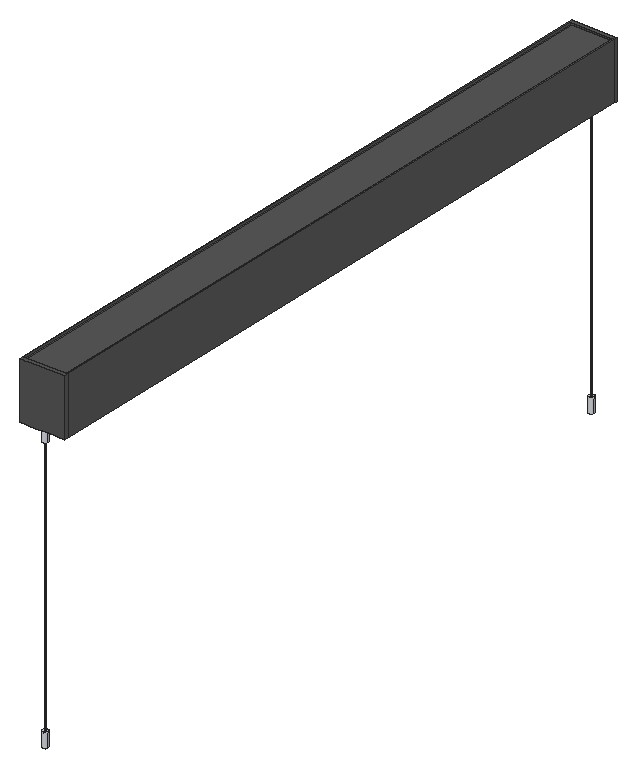
Revit family "EOS3.0-P-D", category Lighting Fixtures, host Face, Revit 2018
Family settings
  Host = Face
  Round Connector Dimension = Use Diameter
  Part Type = Normal
  Cut with Voids When Loaded = No
  Light Source = Yes
  Shared = Yes
  Room Calculation Point = Yes
Parameters (values of type "4' Direct")
  Wattage = 17.6471 W
  built-in parameter 1150110 = 1 (stored number, unit not read)
  Voltage = 0 V
  Type Comments = "LUX ILLUMINAIRE"
  built-in parameter 1114217 = 1 (stored number, unit not read)
  Tilt Angle = 90.00°
  built-in parameter 1150109 = 1 (stored number, unit not read)
  built-in parameter 1150134 = 12
  Switch Leg Visibility = no
  Switch Leg [instance] = ""
  Suspension Length [instance] = 2' - 0"
  built-in parameter 1150113 = 1 (stored number, unit not read)
  Photometric Web File = "EOS 3.0-P-D 375 4 40K 8.ies"
  Material [instance] = LUX ILLUMINAIRE Black
  Manufacturer = ""
  built-in parameter 1150105 = 119.37 (stored number, unit not read)
  Lumens = 1500 lm
  built-in parameter 1150115 = 1 (stored number, unit not read)
  built-in parameter 1150137 = (empty or 0)
  built-in parameter 1150139 = (empty or 0)
  built-in parameter 1150112 = 1 (stored number, unit not read)
  built-in parameter 1150114 = 1 (stored number, unit not read)
  Lamp = "LED"
  built-in parameter 1150132 = 2
  built-in parameter 1150102 = (empty or 0)
  built-in parameter 1150107 = 4000 (stored number, unit not read)
  built-in parameter 1150138 = (empty or 0)
  built-in parameter 1150106 = 1.1937 (stored number, unit not read)
  Fixture Width = 0' - 3 19/128"  # constant formula
  Fixture Symbol Visiblity = yes
  Fixture Length = 4' - 0"
  Emit from Rectangle Width = Fixture Width - 0' 0 1/4"  # 0' - 2 115/128"
  Emit from Rectangle Length = Fixture Length  # 4' - 0"
  Emit Shape Visible in Rendering = yes
  Emergency Lighting [instance] = no
  built-in parameter 1150104 = 7.8968 (stored number, unit not read)
  Dimming Lamp Color Temperature Shift = <None>
  Default Elevation = 4' - 0"
  Color Filter = 16777215
  built-in parameter 1140040 [instance] = 1
  built-in parameter 1114218 = 1 (stored number, unit not read)
  built-in parameter 1150133 = 10 (stored number, unit not read)
  Apparent Load = 14.6 VA
Types (6): name | Wattage | Type Comments | Manufacturer | built-in parameter 1150105 | Lumens | built-in parameter 1150106 | Fixture Length | Emit from Rectangle Length | Apparent Load
  3' Direct | 13.2353 W | "LUX ILLUMINAIRE" | "" | 89.525 (stored number, unit not read) | 1125 lm | 0.89525 (stored number, unit not read) | 3' - 0" | 3' - 0" | 11 VA
  4' Direct | 17.6471 W | "LUX ILLUMINAIRE" | "" | 119.37 (stored number, unit not read) | 1500 lm | 1.1937 (stored number, unit not read) | 4' - 0" | 4' - 0" | 14.6 VA
  5' Direct | 22.0588 W | "LUX ILLUMINAIRE" | "" | 149.21 (stored number, unit not read) | 1875 lm | 1.4921 (stored number, unit not read) | 5' - 0" | 5' - 0" | 18.2 VA
  6' Direct | 26.4706 W | 0' - 0" | "LUX ILLUMINAIRE" | 179.05 (stored number, unit not read) | 2250 lm | 1.7905 (stored number, unit not read) | 6' - 0" | 6' - 0" | 21.9 VA
  7' Direct | 30.8824 W | 0' - 0" | "LUX ILLUMINAIRE" | 208.89 (stored number, unit not read) | 2625 lm | 2.0889 (stored number, unit not read) | 7' - 0" | 7' - 0" | 25.5 VA
  8' Direct | 35.2941 W | 0' - 0" | "LUX ILLUMINAIRE" | 238.73 (stored number, unit not read) | 3000 lm | 2.3873 (stored number, unit not read) | 8' - 0" | 8' - 0" | 29.2 VA
Reference planes (in)
  plane 1 "Center (Front/Back)": y = 0
  plane 2: z = 0
  plane 3 "Center (Left/Right)": x = 0
  plane 4: x = 1.57422
  plane 5: x = -1.57422
  plane 6: y = 24
  plane 7: y = -24
  plane 8: z = 24
  plane 9: y = 24.25
  plane 10: y = -24.25
  plane 11: z = 1
  plane 12: z = 20
  plane 13: z = 19.25
Forms (in)
  Extrusion 1, solid, material "LUX ILLUMINAIRE Black" <- "Material"
    sketch origin (0, 0, 0) x (1, 0, 0) y (0, 0, 1)
      loop
        line (-1.57447, 19.9985) -> (-0.437, 19.9985) -> (0.438, 19.9985) -> (1.57548, 19.9985) -> (1.57548, 24) -> (1.49049, 24) -> (1.49049, 23.887) -> (1.3385, 23.90497) -> (-1.33792, 23.90497) -> (-1.48948, 23.887) -> (-1.48948, 24) -> (-1.57447, 24) -> (-1.57447, 19.9985)
    from -24 to 24
  Extrusion 2, solid, material "LUX ILLUMINAIRE Black" <- "Material"
    sketch origin (0, 0, 0) x (1, 0, 0) y (0, 0, 1)
      loop
        line (-1.57447, 24) -> (-1.57447, 19.9985) -> (-0.437, 19.9985) -> (0.438, 19.9985) -> (1.57548, 19.9985) -> (1.57548, 24) -> (-1.57447, 24)
    from 24 to 24.25
  Extrusion 3, solid
    sketch origin (0, 0, 0) x (1, 0, 0) y (0, 1, 0)
      loop
        circle (0.00029, -24) r 0.1875
    from 0 to 1
  Extrusion 4, solid
    sketch origin (0, 0, 0) x (1, 0, 0) y (0, 1, 0)
      loop
        circle (0.0005, -24) r 0.03125
    from 1 to 19.25
  Extrusion 5, solid
    sketch origin (0, 0, 0) x (1, 0, 0) y (0, 1, 0)
      loop
        circle (0.0005, -24) r 0.18729
    from 19.25 to 20
  Extrusion 6, solid, not visible
    sketch origin (0, 0, 0) x (1, 0, 0) y (0, 1, 0)
      loop
        circle (0.00029, -24) r 0.1875
    from 0 to 1
  Extrusion 7, solid, not visible
    sketch origin (0, 0, 0) x (1, 0, 0) y (0, 1, 0)
      loop
        circle (0.0005, -24) r 0.03125
    from 1 to 13.33203
  Extrusion 8, solid, not visible
    sketch origin (0, 0, 0) x (1, 0, 0) y (0, 1, 0)
      loop
        circle (0.0005, -24) r 0.18729
    from 13.33203 to 14.08203
  Extrusion 9, solid, material "LUX ILLUMINAIRE Black" <- "Material"
    sketch origin (0.00056, 24, 0) x (1, 0, 0) y (0, 0, -1)
      loop
        line (-1.57478, -24) -> (1.57366, -24) -> (1.57366, -19.9985) -> (0.438, -19.9985) -> (-0.437, -19.9985) -> (-1.57478, -19.9985) -> (-1.57478, -24)
    from 0 to 0.25
  Extrusion 10, solid
    sketch origin (0, 0, 0) x (1, 0, 0) y (0, 1, 0)
      loop
        circle (0.00029, 24) r 0.1875
    from 0 to 1
  Extrusion 11, solid
    sketch origin (0, 0, 0) x (1, 0, 0) y (0, 1, 0)
      loop
        circle (0.0005, 24) r 0.03125
    from 1 to 19.25
  Extrusion 12, solid
    sketch origin (0, 0, 0) x (1, 0, 0) y (0, 1, 0)
      loop
        circle (0.0005, 24) r 0.18729
    from 19.25 to 20
Lines and regions (in)
  symbolic lines, visible <- "Fixture Symbol Visiblity"
    curve 1: line (-1.57422, 24, 0) -> (1.57422, 24, 0)
    curve 2: line (-1.57422, -24, 0) -> (-1.57422, 24, 0)
    curve 3: line (1.57422, -24, 0) -> (-1.57422, -24, 0)
    curve 4: line (1.57422, 24, 0) -> (1.57422, -24, 0)
Dimensions and locks (in)
  plane 5 to plane 4 = 0' - 3 19/128"
  equal spacing: plane 7, plane 1 "Center (Front/Back)", plane 6
  "Fixture Length": plane 7 to plane 6
  plane 8 to host face = 2' - 0"
  locked: plane 6 to plane 9 at 0.25
  locked: plane 10 to plane 7 at 0.25
  "Suspension Length": plane 8 to level
  "Fixture Width": plane 4 to plane 5
  equal spacing: plane 4, plane 3 "Center (Left/Right)", plane 5
  locked: nested 2 to plane 10 at 9.5
  plane 8 to plane 12 to plane 13 = 0' - 4" locked, 0' - 0 3/4" locked
  locked: plane 8 to imposter light at 0.05558
  aligned and locked: plane 2 to host face
  aligned and locked: level to host face
  aligned and locked: Extrusion 9 to plane 5
  aligned and locked: plane 4 to Extrusion 9
  aligned and locked: plane 6 to Extrusion 9
  aligned and locked: Extrusion 1 to plane 6
  aligned and locked: plane 10 to Extrusion 2
  aligned and locked: Extrusion 2 to plane 7
  aligned and locked: plane 7 to Extrusion 1
  aligned and locked: Extrusion 9 to plane 9
  aligned and locked: plane 12 to Extrusion 12
  aligned and locked: Extrusion 12 to plane 13
  aligned and locked: plane 13 to Extrusion 11
  aligned and locked: plane 12 to Extrusion 5
  aligned and locked: Extrusion 5 to plane 13
  aligned and locked: plane 13 to Extrusion 4
  aligned and locked: plane 7 to nested 1
  aligned and locked: plane 6 to curve 1
  aligned and locked: plane 5 to curve 2
  aligned and locked: curve 3 to plane 7
  aligned and locked: curve 4 to plane 4
  aligned and locked: nested 1 to plane 6
  aligned and locked: plane 8 to Extrusion 9
  aligned and locked: plane 8 to Extrusion 2
Automatic sketch dimensions
  host sketch curve to host sketch curve = 8' - 0"  (x2)
  Extrusion 1 sketch curve to plane 5 = 0' - 0.00025"
  plane 5 to Extrusion 1 sketch curve = 0' - 0.08474"  (x2)
  Extrusion 1 sketch curve to plane 8 = 0' - 0.113"  (x2)
  Extrusion 1 sketch curve to plane 8 = 0' - 0.09503"  (x2)
  Extrusion 1 sketch curve to Extrusion 1 sketch curve = 0' - 0.15157"
  Extrusion 1 sketch curve to plane 12 = 0' - 0.0015"
  Extrusion 1 sketch curve to plane 3 "Center (Left/Right)" = 0' - 0.437"
  plane 3 "Center (Left/Right)" to Extrusion 1 sketch curve = 0' - 0.438"
  Extrusion 1 sketch curve to plane 4 = 0' - 0.23572"
  Extrusion 1 sketch curve to plane 4 = 0' - 0.08373"  (x2)
  plane 4 to Extrusion 1 sketch curve = 0' - 0.00126"
  plane 8 to Extrusion 1 sketch curve = 0' - 0"  (x2)
  Extrusion 1 sketch curve to Extrusion 1 sketch curve = 0' - 0"  (x2)
  Extrusion 2 sketch curve to plane 5 = 0' - 0.00025"
  Extrusion 2 sketch curve to plane 12 = 0' - 0.0015"
  Extrusion 2 sketch curve to plane 3 "Center (Left/Right)" = 0' - 0.437"
  plane 3 "Center (Left/Right)" to Extrusion 2 sketch curve = 0' - 0.438"
  plane 4 to Extrusion 2 sketch curve = 0' - 0.00126"
  plane 8 to Extrusion 2 sketch curve = 0' - 0"
  plane 5 to Extrusion 9 sketch curve = 0' - 0"
  Extrusion 9 sketch curve to plane 12 = 0' - 0.0015"
  Extrusion 9 sketch curve to plane 3 "Center (Left/Right)" = 0' - 0.43644"
  plane 3 "Center (Left/Right)" to Extrusion 9 sketch curve = 0' - 0.43856"
  plane 4 to Extrusion 9 sketch curve = 0' - 0"
  plane 8 to Extrusion 9 sketch curve = 0' - 0"
  plane 7 to Extrusion 3 sketch curve = 0' - 0"
  plane 3 "Center (Left/Right)" to Extrusion 3 sketch curve = 0' - 0.00029"
  plane 7 to Extrusion 4 sketch curve = 0' - 0"
  plane 3 "Center (Left/Right)" to Extrusion 4 sketch curve = 0' - 0.0005"
  plane 7 to Extrusion 5 sketch curve = 0' - 0"
  plane 3 "Center (Left/Right)" to Extrusion 5 sketch curve = 0' - 0.0005"
  plane 6 to Extrusion 10 sketch curve = 0' - 0"
  plane 3 "Center (Left/Right)" to Extrusion 10 sketch curve = 0' - 0.00029"
  plane 6 to Extrusion 11 sketch curve = 0' - 0"
  plane 3 "Center (Left/Right)" to Extrusion 11 sketch curve = 0' - 0.0005"
  plane 6 to Extrusion 12 sketch curve = 0' - 0"
  plane 3 "Center (Left/Right)" to Extrusion 12 sketch curve = 0' - 0.0005"
  radius of Extrusion 3 sketch curve = 0' - 0 3/16"
  radius of Extrusion 4 sketch curve = 0' - 0 1/32"
  radius of Extrusion 5 sketch curve = 0' - 0.18729"
  radius of Extrusion 6 sketch curve = 0' - 0 3/16"
  radius of Extrusion 7 sketch curve = 0' - 0 1/32"
  radius of Extrusion 8 sketch curve = 0' - 0.18729"
  radius of Extrusion 10 sketch curve = 0' - 0 3/16"
  radius of Extrusion 11 sketch curve = 0' - 0 1/32"
  radius of Extrusion 12 sketch curve = 0' - 0.18729"
Nested families (in)
  nested 1: "Emergency Symbol Rectangle" at (-10.98442, 0, 0) x (0, 1, 0) z (0, 0, 1), visible <- "Emergency Lighting", type "Emergency Symbol Rectangle"
    with Width 0' - 8.71884", Length 4' - 0"
  nested 2: "Switch Leg Annotation" at (9.99627, -14.75, 0) x (0, 1, 0) z (0, 0, 1), visible <- "Switch Leg Visibility", Switch Leg Annotation <- "Switch Leg", type "Switch Leg Annotation"
    with Switch Leg Annotation ""
Connectors (in)
  electrical at (0.00029, 24, 0), driven by "Apparent Load", driven by "Voltage"
    settings: on Extrusion 10, index 1, voltage 0 V, apparent load 0 VA, apparent load phase1 14.6 VA, apparent load phase2 0 VA, apparent load phase3 0 VA, power factor 1, load classification "Other", number of poles 1, system type 31, power factor state 1, is connector primary yes, connector utility no, sub classification motor no, connector description ""
Definition of nested family "Emergency Symbol Rectangle"
  Parameters (values of type "Emergency Symbol Rectangle")
    Width [instance] = 0' - 8 1/2"
    Length [instance] = 5' - 0"
    Emergency Visibility = no
  Reference planes (in)
    plane 1 "Center (Front/Back)": y = -7.75
    plane 2: z = 0
    plane 3 "Center (Left/Right)": x = -24
    plane 4: x = 24
    plane 5: x = -36
    plane 6: y = -3.5
    plane 7: y = -12
  Lines and regions (in)
    Filled region 1, type "Solid Fill - Black", in view "Ref. Level", detail levels coarse+medium
      outline origin (0, 0.25, 0) x (1, 0, 0) y (0, 1, 0)
        loop
          line (-36, -12.25) -> (24, -12.25) -> (-36, -10.125) -> (-36, -12.25)
  Dimensions and locks (in)
    equal spacing: plane 7, plane 1 "Center (Front/Back)", plane 6
    "Width": plane 7 to plane 6
    "Length": plane 5 to plane 4
    aligned and locked: plane 5 to Filled region 1
  Automatic sketch dimensions
    plane 1 "Center (Front/Back)" to Filled region 1 sketch curve = 0' - 2 1/8"
    Filled region 1 sketch curve to plane 3 "Center (Left/Right)" = 1' - 0"
    Filled region 1 sketch curve to plane 4 = 0' - 0"
    Filled region 1 sketch curve to plane 7 = 0' - 0"
Definition of nested family "Switch Leg Annotation"
  Parameters (values of type "Switch Leg Annotation")
    Switch Leg Annotation [instance] = ""
  Reference planes (in)
    plane 1: y = 0
    plane 2: x = 0
  Text (in)
    label "a" at (0.00527, 0.01239, 0), shows "Switch Leg Annotation"
